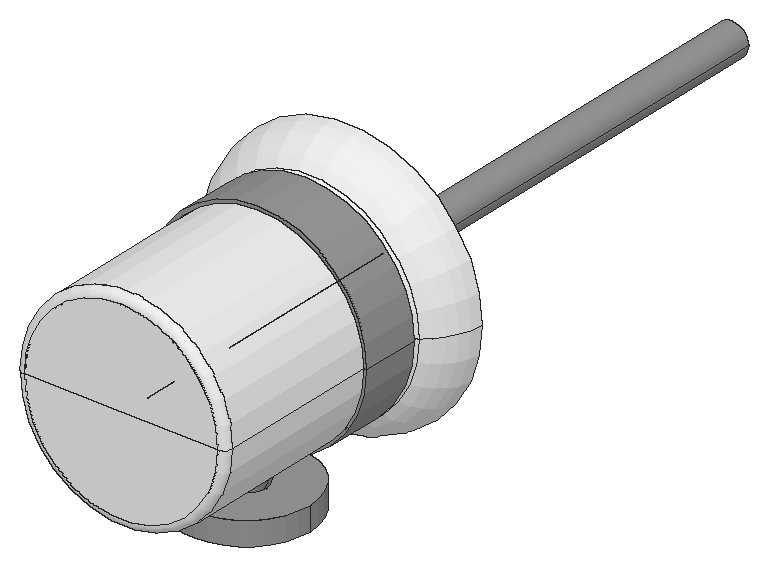
Revit family "ABEND Portaescobilla BC2029200", category Generic Models, host Face, Revit 2014
Parameters
  MODELO = "ABEND"
  MARCA = "WASSER"
  EMPRESA = "CHC COMERCIAL HISPANO CHILENA"
  Default Elevation = 1219.2 mm
  DIMENSIONES = ""
  CÓDIGO = "BC2029200"
  ACCESORIO = "PORTA ESCOBILLA"
Reference planes
  plane 1 "Center (Front/Back)": y = 0
  plane 2: z = 0
  plane 3 "Center (Left/Right)": x = 0
  plane 4: y = -88
  plane 5: y = 32
  plane 6: x = 62.5
  plane 7: x = -27.37
  plane 8: y = 139
  plane 9: y = -8
  plane 10: z = 150
  plane 11: z = 35
  plane 12: x = 75
  plane 13: x = -39.87
  plane 14: x = 17.565
  plane 15: y = 237
Forms (mm)
  Extrusion 1, solid, material "Steel, Polished"
    sketch origin (0, 0, 0) x (1, 0, 0) y (0, 1, 0)
      loop
        circle (0, 0) r 27.5
    from 0 to 10
  Sweep 2, solid, material "Steel, Polished"
    path origin (0, 0, 0) x (1, 0, 0) y (0, 0, 1)
      loop
        line (-1.841, 6.051) -> (10.724, 37.152)
    profile origin (4.442, 0, 21.602) x (-0.927184, 0, 0.374607) y (0, -1, 0)
      loop
        circle (0, 0) r 8
  Revolve 3, solid, material "Steel, Polished"
    sketch origin (0, 0, 81.564) x (1, 0, 0) y (0, 1, 0)
      loop
        line (-27.37, 9.427) -> (-28.999, 9.427) -> (-28.999, -15.573) -> (-27.37, -15.573) -> (-27.37, 9.427)
      axis (17.565, 9.427) -> (17.565, -15.573)
    angle from 0 to 360
  Revolve 4, solid, material "Porcelain, Linen"
    sketch origin (0, 0, 81.334) x (1, 0, 0) y (0, 1, 0)
      loop
        arc (-39.882, 32.192) -> (-36.651, 20.953) -> (-28.887, 12.206) r 26.438
        arc (-28.887, 12.206) -> (-27.772, 10.913) -> (-27.37, 9.253) r 3.634
        line (-27.37, 9.253) -> (-27.37, -85.181)
        arc (-27.37, -85.181) -> (-26.309, -87.743) -> (-23.748, -88.803) r 3.622
        line (-23.748, -88.803) -> (17.565, -88.803) -> (17.565, -83.803) -> (-20.732, -83.803)
        arc (-20.732, -83.803) -> (-23.305, -82.738) -> (-24.37, -80.166) r 3.638
        line (-24.37, -80.166) -> (-24.37, 10.469)
        arc (-24.37, 10.469) -> (-24.891, 12.525) -> (-26.326, 14.087) r 4.325
        arc (-26.326, 14.087) -> (-33.737, 21.895) -> (-36.876, 32.192) r 23.438
        line (-36.876, 32.192) -> (-39.882, 32.192)
      axis (17.565, -88.803) -> (17.565, 32.192)
    angle from 0 to 360
  Extrusion 5, solid, material "Vinyl"
    sketch origin (0, 0, 0) x (1, 0, 0) y (0, 0, 1)
      loop
        line (17.926, 118.537) -> (16.345, 115.798) -> (14.778, 118.036) -> (13.014, 115.516) -> (10.887, 117.878) -> (10.12, 115.015) -> (8.528, 116.607) -> (7.683, 114.514) -> (4.96, 116.251) -> (15.532, 87.206)
        arc (15.532, 87.206) -> (16.906, 86.413) -> (17.926, 87.628) r 1.234
        line (17.926, 87.628) -> (17.926, 118.537)
      loop
        line (24.926, 80.628) -> (55.608, 80.628) -> (53.074, 81.652) -> (55.835, 83.246) -> (51.361, 84.035) -> (54.765, 85.343) -> (51.799, 86.542) -> (54.612, 88.166) -> (51.793, 88.921) -> (54.371, 90.409) -> (51.956, 90.835) -> (53.549, 93.594) -> (24.504, 83.023)
        arc (24.504, 83.023) -> (23.225, 81.563) -> (24.926, 80.628) r 1.245
      loop
        line (10.926, 80.628) -> (-20.153, 80.628) -> (-18.323, 78.799) -> (-19.786, 77.336) -> (-16.792, 76.127) -> (-19.288, 73.631) -> (-17.011, 72.209) -> (-19.1, 71.003) -> (-16.183, 69.825) -> (-17.697, 67.663) -> (11.348, 78.234)
        arc (11.348, 78.234) -> (12.141, 79.608) -> (10.926, 80.628) r 1.234
      loop
        line (17.926, 73.628) -> (17.926, 43.079) -> (19.171, 46.161) -> (20.061, 43.715) -> (21.171, 46.461) -> (22.909, 43.449) -> (24.505, 46.872) -> (27.104, 44.273) -> (27.104, 47.658) -> (30.892, 45.006) -> (20.32, 74.051)
        arc (20.32, 74.051) -> (18.946, 74.844) -> (17.926, 73.628) r 1.234
      loop
        line (12.976, 85.578) -> (-9.135, 107.689) -> (-8.404, 103.542) -> (-10.555, 104.411) -> (-9.688, 102.155) -> (-13.01, 101.569) -> (-10.278, 99.861) -> (-13.906, 99.861) -> (-12.52, 96.256) -> (-15.293, 96.999) -> (-14.209, 94.022) -> (-17.223, 94.829) -> (11.436, 83.251)
        arc (11.436, 83.251) -> (13.157, 83.785) -> (12.976, 85.578) r 1.424
      loop
        line (23.128, 85.312) -> (46.098, 105.994) -> (42.971, 104.793) -> (43.887, 107.061) -> (40.303, 106.429) -> (41.382, 109.099) -> (37.837, 108.474) -> (38.684, 111.636) -> (35.145, 110.347) -> (35.145, 113.59) -> (32.127, 111.848) -> (32.127, 115.777) -> (20.548, 87.119)
        arc (20.548, 87.119) -> (21.12, 85.189) -> (23.128, 85.312) r 1.616
      loop
        line (22.331, 75.188) -> (41.783, 51.168) -> (41.174, 56.598) -> (45.21, 55.886) -> (43.877, 59.548) -> (47.38, 58.93) -> (46.092, 62.282) -> (50.111, 61.205) -> (48.147, 64.607) -> (52.283, 64.607) -> (24.27, 77.67)
        arc (24.27, 77.67) -> (22.314, 77.2) -> (22.331, 75.188) r 1.616
      loop
        line (12.976, 75.679) -> (-7.861, 54.841) -> (-5.672, 54.841) -> (-5.672, 52.575) -> (-3.17, 53.486) -> (-4.771, 51.2) -> (-2.114, 52.221) -> (-2.663, 49.106) -> (2.036, 50.816) -> (0.618, 47.308) -> (3.227, 49.917) -> (3.725, 45.48) -> (15.304, 74.138)
        arc (15.304, 74.138) -> (14.769, 75.859) -> (12.976, 75.679) r 1.424
    from -15.379 to 81.232
  Extrusion 6, solid, material "Steel, Polished"
    sketch origin (0, 0, 0) x (1, 0, 0) y (0, 0, 1)
      loop
        circle (18.004, 81.065) r 7
    from -237 to 81.232
Dimensions and locks
  aligned and locked: plane 2 to host face
  aligned and locked: level to host face
